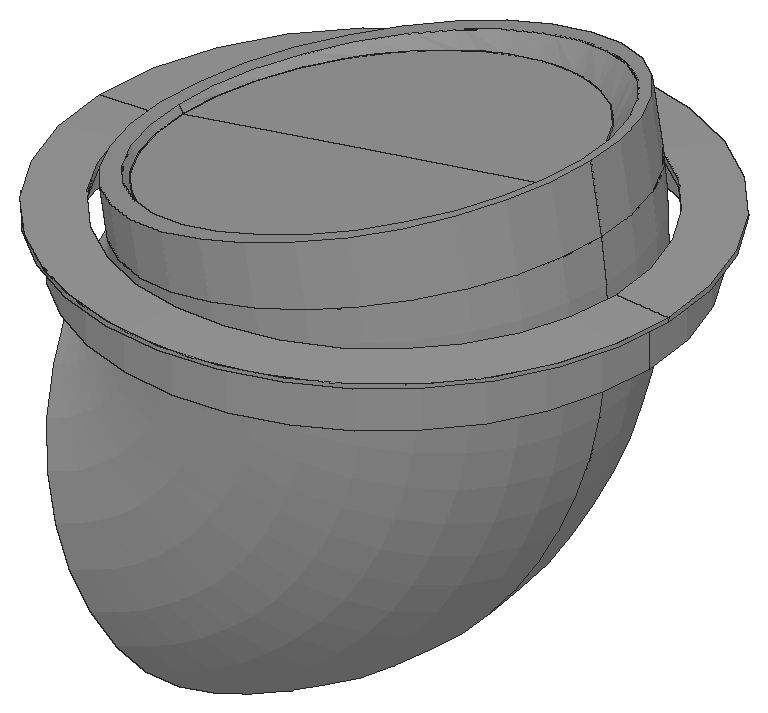
Revit family "0060586 Sylvania Lighting Fixture START Spot Scoop 4200lm 930 MB WHT", category Lighting Fixtures, host Face, Revit 2016
Family settings
  Host = Face
  Part Type = Normal
  Round Connector Dimension = Use Diameter
  OmniClass Number = 23.80.70.00
  OmniClass Title = Lighting
  Cut with Voids When Loaded = No
  Light Source = No
  Shared = No
  Room Calculation Point = No
Parameters (values of type "0060586 START Spot Scoop 4200lm 930 MB WHT")
  Weight = "8.8 kg"
  Wattage Comments = ""
  WarrantyStartDate [instance] = "n/a"
  WarrantyGuarantorParts = "n/a"
  WarrantyDurationUnit = "n/a"
  WarrantyDurationParts = "n/a"
  WarrantyDescription = "n/a"
  Voltage = 230 V
  URL = "http://www.sylvania-lighting.com"
  TypeName = "START Spot Scoop 4200lm 930 MB WHT"
  TypeHeadXL_SYL = START Spot Scoop Head XL : 0060586 START Spot Scoop 4200lm 930 MB WHT
  Type Image = <None>
  Type Comments = "n/a"
  SerialNumber [instance] = "n/a"
  S_SYL = no
  RotationAngle_SYL [instance] = 10.00°
  Rad4_SYL = if(S_SYL, 43 mm, if(M_SYL, 67.7 mm, 90 mm))  # 90 mm
  Rad3_SYL = Rad2_SYL - 4 mm  # 98.5 mm
  Rad2_SYL = if(S_SYL, 57.5 mm, if(M_SYL, 77.5 mm, 102.5 mm))  # 102.5 mm
  Rad1_SYL = if(S_SYL, 63 mm, if(M_SYL, 83.5 mm, 110 mm))  # 110 mm
  PowerFactor = 0
  PowerConsumption = "48.9 W"
  NominalLength = 220 mm
  NominalHeight = 195 mm
  NominalDepth = 220 mm
  Name = "START Spot Scoop 4200lm 930 MB WHT"
  ModelReference = Name  # "START Spot Scoop 4200lm 930 MB WHT"
  ModelNumber = "0060586"
  Model = Name  # "START Spot Scoop 4200lm 930 MB WHT"
  Material = "n/a"
  ManufacturerName = "Feilo Sylvania"
  Manufacturer = "Feilo Sylvania"
  M_SYL = no
  LuminousEfficacy = "85.89 lm/W"
  LuminaireType = ""
  LightOutputRatio = "n/a"
  LampsType = Lamp  # "LED"
  LampNominalLuminous = "4200  lm"
  LampMacAdamStep = "n/a"
  LampColourTemperature = "3000 K"
  LampColourRenderingIndex = "90"
  Lamp = "LED"
  Keynote = "16500"
  InstallationDate [instance] = "n/a"
  InputVoltage = "n/a"
  InputNominalFrequency = "n/a"
  IngressProtection = "IP40"
  ImpactProtectionIndex = "IK03"
  IfcExportType = "IfcLightFixtureType"
  IfcExportAs = "IfcLightFixtureType"
  ExpectedLife = 50000
  EndAngle_SYL [instance] = RotationAngle_SYL + 180.00°  # 190.00°
  ElectricShockClassification = "Class II"
  DurationUnit = "hours"
  DocumentationLiterature = "http://www.sylvania-lighting.com/product/en-int/products/0060586"
  DimmingControlOptions = "Non dimmable"
  Description = "Recessed Adjustable Accent Downlight, integrated LED, die cast aluminium body, Ø205mm cut-out, CCT 3000K, 4200lm, total power consumption 48W, resulting in 88lm/W."
  Default Elevation = 1219.2 mm
  CreatedOn = "12/6/2018"
  CreatedBy = "@sylvania-lighting.com"
  Cost = 0
  built-in parameter 1114216 [instance] = (empty or 0)
  ClassificationValue = "EF_70_80"
  ClassificationName = "Uniclass2015"
  Material_1_SYL = PC/ABS Plastic
  BarCode [instance] = "n/a"
  AssetType = "Fixed"
  AssetIdentifier [instance] = "n/a"
  Assembly Code = "D5020200"
  Apparent Load = 48.9 VA
Reference planes
  plane 1 "Center (Front/Back)": y = 0
  plane 2: z = 0
  plane 3 "Center (Left/Right)": x = 0
  plane 4: z = 1.5
  plane 5: z = 2.5
  plane 6: x = -63
  plane 7: x = -110
  plane 8: x = -90
  plane 9: x = -102.5
  plane 10: z = -16
  plane 11: z = -18.8
  plane 12: z = -100
  plane 13: x = -98.5
Forms (mm)
  Revolve 1, void
    sketch origin (0, 0, 0) x (1, 0, 0) y (0, 0, 1)
      loop
        line (0, 0) -> (-102.5, 0) -> (-102.5, -100) -> (0, -100) -> (0, 0)
      axis (0, 0) -> (0, -100)
    angle from 360 to 0
  Revolve 2, solid, material "PC/ABS Plastic" <- "Material_1_SYL"
    sketch origin (0, 0, 0) x (1, 0, 0) y (0, 0, 1)
      loop
        line (-110, 0) -> (-102.5, 0) -> (-102.5, -18.8) -> (-98.5, -18.8) -> (-98.5, 0) -> (-90, 0) -> (-90, 2.5) -> (-110, 1.5) -> (-110, 0)
      axis (0, 2.5) -> (0, -18.8)
    angle from 360 to 0
  Revolve 3, solid, not visible
    sketch origin (0, 0, 0) x (1, 0, 0) y (0, 1, 0)
      loop
        line (-90, -8.793) -> (-90, 6.207) -> (-95, 6.207) -> (-95, -8.793) -> (-90, -8.793)
      axis (-90, 6.207) -> (-90, -8.793)
    angle from 10 <- "RotationAngle_SYL" to 190 <- "EndAngle_SYL"
Dimensions and locks
  locked: plane 2 to plane 12 at 100
  "Rad1_SYL": plane 3 "Center (Left/Right)" to plane 7
  "Rad2_SYL": plane 3 "Center (Left/Right)" to plane 9
  "Rad3_SYL": plane 3 "Center (Left/Right)" to plane 13
  "Rad4_SYL": plane 3 "Center (Left/Right)" to plane 8
  aligned and locked: plane 2 to host face
  aligned and locked: level to host face
  aligned and locked: Revolve 1 sketch curve to plane 3 "Center (Left/Right)"
  aligned and locked: level to Revolve 1 sketch curve
  aligned and locked: plane 3 "Center (Left/Right)" to Revolve 1 sketch curve
  aligned and locked: Revolve 1 sketch curve to plane 9
  aligned and locked: plane 12 to Revolve 1 sketch curve
  aligned and locked: Revolve 2 sketch curve to plane 3 "Center (Left/Right)"
  aligned and locked: Revolve 2 sketch curve to plane 13
  aligned and locked: Revolve 2 sketch curve to plane 11
  aligned and locked: plane 7 to Revolve 2 sketch curve
  aligned and locked: plane 4 to Revolve 2 sketch curve
  aligned and locked: plane 2 to Revolve 2 sketch curve
  aligned and locked: plane 9 to Revolve 2 sketch curve
  aligned and locked: Revolve 2 sketch curve to plane 8
  aligned and locked: Revolve 3 sketch curve to plane 8  (x2)
  aligned and locked: plane 1 "Center (Front/Back)" to nested 1
Automatic sketch dimensions
  host sketch curve to host sketch curve = 2438.4 mm  (x2)
  plane 12 to Revolve 1 sketch curve = 509.6 mm
  Revolve 1 sketch curve to plane 5 = 2606.558 mm
  Revolve 2 sketch curve to plane 5 = 0 mm  (x2)
  Revolve 2 sketch curve to level = 0 mm
  plane 12 to Revolve 2 sketch curve = 509.6 mm
  Revolve 2 sketch curve to plane 5 = 2606.558 mm
  Revolve 2 sketch curve to plane 8 = 0 mm
  Revolve 3 sketch curve to plane 8 = 5 mm
  plane 1 "Center (Front/Back)" to Revolve 3 sketch curve = 8.793 mm
  Revolve 3 sketch curve to plane 1 "Center (Front/Back)" = 6.207 mm
  Revolve 3 sketch curve to Revolve 3 sketch curve = 2546.148 mm
  Revolve 3 sketch curve to Revolve 3 sketch curve = 2091.202 mm
Nested families
  nested 1: "START Spot Scoop Head XL" at (-1.367, 0, 15.628) x (-0.9848, 0, -0.1736) z (0.1736, 0, -0.9848), type <- "TypeHeadXL_SYL", type "0060586 START Spot Scoop 4200lm 930 MB WHT"
    with built-in parameter 1114216 (empty or 0), Apparent Load 48.9 VA
Connectors
  electrical at (0, 0, 0), driven by "Apparent Load", driven by "PowerFactor", driven by "Voltage"
    settings: index 1, voltage 230 V, apparent load 48.9 VA, apparent load phase1 0 VA, apparent load phase2 0 VA, apparent load phase3 0 VA, power factor 0, load classification "Lighting", number of poles 1, system type 30, power factor state 1, is connector primary yes, connector utility no, sub classification motor no, connector description ""
Definition of nested family "START Spot Scoop Head XL"
  Parameters (values of type "0060587 START Spot Scoop 4500lm 940 MB WHT")
    ThicknessLens_SYL = 1.5 mm  # constant formula
    ThicknessFront_SYL = Radius_SYL / 25  # 3.4 mm
    Radius_SYL = 85 mm
    Wattage Comments = "n/a"
    Wattage = 48 W
    built-in parameter 1150110 = 1 (stored number, unit not read)
    URL = "http://www.sylvania-lighting.com"
    Type Image = (empty or 0)
    Type Comments = "n/a"
    built-in parameter 1114217 = 1 (stored number, unit not read)
    Tilt Angle = -90.00°
    built-in parameter 1150109 = 1 (stored number, unit not read)
    built-in parameter 1150134 = 12
    built-in parameter 1150113 = 1 (stored number, unit not read)
    RadiusLens_SYL = Radius_SYL / (38 / 33)  # 73.816 mm
    RadiusLED_SYL = Radius_SYL / 5  # 17 mm
    RadiusFrontIn_SYL = Radius_SYL - ThicknessFront_SYL  # 81.6 mm
    RadiusBack_SYL = Radius_SYL - 2 mm  # 83 mm
    Photometric Web File = "0060587.ies"
    Overhang_SYL = 15 mm
    Material_3_SYL = none
    Model = "START Spot Scoop 4500lm 940 MB WHT"
    Manufacturer = "Feilo Sylvania"
    built-in parameter 1150105 = 5564.6 (stored number, unit not read)
    Lumens = 4320 lm
    built-in parameter 1150115 = 1 (stored number, unit not read)
    built-in parameter 1150137 = (empty or 0)
    built-in parameter 1150139 = (empty or 0)
    built-in parameter 1150112 = 1 (stored number, unit not read)
    built-in parameter 1150114 = 1 (stored number, unit not read)
    Lamp = "LED"
    Keynote = "16500"
    Material_2_SYL = none
    built-in parameter 1150132 = (empty or 0)
    built-in parameter 1150102 = (empty or 0)
    built-in parameter 1150107 = 4000 (stored number, unit not read)
    built-in parameter 1150138 = (empty or 0)
    built-in parameter 1150106 = 55.646 (stored number, unit not read)
    Emit from Circle Diameter = RadiusLens_SYL * 2  # 147.632 mm
    Emit Shape Visible in Rendering = no
    built-in parameter 1150104 = 8.3613 (stored number, unit not read)
    Dimming Lamp Color Temperature Shift = (empty or 0)
    Description = "Recessed Adjustable Accent Downlight, integrated LED, die cast aluminium body, Ø205mm cut-out, CCT 4000K, 4500lm, total power consumption 48W, resulting in 94lm/W."
    DepthReflector_SYL = Radius_SYL + 20 mm  # 105 mm
    DepthFront_SYL = Overhang_SYL / (11 / 8)  # 10.909 mm
    Default Elevation = 1219.2 mm
    Cost = 0
    Color Filter = 16777215
    built-in parameter 1114216 [instance] = (empty or 0)
    Material_1_SYL = none
    built-in parameter 1114218 = 1 (stored number, unit not read)
    built-in parameter 1150133 = 10 (stored number, unit not read)
    Assembly Code = "D5020200"
    Apparent Load = 48 VA
    Material_4_SYL = none
  Types (2, lengths in mm): name | built-in parameter 1150134 | Photometric Web File | Model | built-in parameter 1150105 | built-in parameter 1150107 | built-in parameter 1150106 | Description
    0060587 START Spot Scoop 4500lm 940 MB WHT | 12 | "0060587.ies" | "START Spot Scoop 4500lm 940 MB WHT" | 5564.6 (stored number, unit not read) | 4000 (stored number, unit not read) | 55.646 (stored number, unit not read) | "Recessed Adjustable Accent Downlight, integrated LED, die cast aluminium body, Ø205mm cut-out, CCT 4000K, 4500lm, total power consumption 48W, resulting in 94lm/W."
    0060586 START Spot Scoop 4200lm 930 MB WHT | (empty or 0) | "0060586.ies" | "START Spot Scoop 4200lm 930 MB WHT" | 5672.7 (stored number, unit not read) | 3000 (stored number, unit not read) | 56.727 (stored number, unit not read) | "Recessed Adjustable Accent Downlight, integrated LED, die cast aluminium body, Ø205mm cut-out, CCT 3000K, 4200lm, total power consumption 48W, resulting in 88lm/W."
  Reference planes
    plane 1 "Center (Front/Back)": y = 0
    plane 2: z = 0
    plane 3 "Center (Left/Right)": x = 0
    plane 4: x = 85
    plane 5: x = -85
    plane 6: z = -15
    plane 7: z = 6.25
    plane 8: z = 90
    plane 9: x = -81.6
    plane 10: x = 81.6
    plane 11: x = 3
    plane 12: z = -4.091
    plane 13: x = -14
    plane 14: z = -2.591
    plane 15: x = -70.816
    plane 16: z = -6.537
    plane 17: y = 85
    plane 18: y = -85
    plane 19: z = 96
    plane 20: x = 17.75
    plane 21: x = 146
  Forms (mm)
    Extrusion 1, solid
      sketch origin (4.2, 0, 0) x (1, 0, 0) y (0, 1, 0)
        loop
          line (-1219.2, 1219.2) -> (-1219.2, -1219.2) -> (1219.2, -1219.2) -> (1219.2, 1219.2) -> (-1219.2, 1219.2)
      from 0 to -68.017
    SweptBlend 2, solid, material <- "Material_1_SYL"
      path origin (0, 0, 0) x (1, 0, 0) y (0, 0, 1)
        loop
          arc (-85, 10) -> (-40.576, 124.692) -> (69.514, 179.535) r 170.265
      profile origin (-85, 0, 10) x (-1, 0, 0) y (0, -1, 0)
        loop
          circle (-85, 0) r 85
      end profile origin (69.514, 0, 179.535) x (-0.092512, 0, 0.995712) y (0, -1, 0)
        loop
          circle (-83, 0) r 83
    Extrusion 3, solid, material <- "Material_1_SYL"
      sketch origin (-85, 0, 10) x (-1, 0, 0) y (0, 1, 0)
        loop
          circle (-85, 0) r 85
      from 0 to 25
    Blend 4, void
      base sketch origin (1223.4, -4572, -15) x (-1, 0, 0) y (0, -1, 0)
        loop
          circle (1223.4, -4572) r 81.6
      top sketch origin (1223.4, -4572, -15) x (-1, 0, 0) y (0, -1, 0)
        loop
          circle (1220.4, -4572) r 73.816
      from 0 to 10.909
    Revolve 5, void
      sketch origin (0, 0, 0) x (1, 0, 0) y (0, 0, 1)
        loop
          line (-70.816, -2.591) -> (-70.816, -4.091) -> (3, -4.091) -> (3, 90) -> (-14, 90)
          arc (-14, 90) -> (-55.479, 51.726) -> (-70.816, -2.591) r 103.854
        axis (3, 90) -> (3, -4.091)
      angle from 360 to 0
    Revolve 6, solid, material <- "Material_2_SYL"
      sketch origin (0, 0, 0) x (1, 0, 0) y (0, 0, 1)
        loop
          line (3, -2.591) -> (-70.816, -2.591) -> (-70.816, -4.091) -> (3, -4.091) -> (3, -2.591)
        axis (3, -2.591) -> (3, -4.091)
      angle from 360 to 0
    Extrusion 7, void
      sketch origin (0, 0, 0) x (1, 0, 0) y (0, 0, 1)
        loop
          line (-85, -15) -> (-85, -25) -> (85, -25) -> (85, -6.537) -> (-85, -15)
      from -85 to 85
  Cuts and joins
    Blend 4, Revolve 5 cuts SweptBlend 2
    Blend 4, Revolve 5, Extrusion 7 cuts Extrusion 3
  Lines and regions (mm)
    reference lines
      curve 1: arc (-85, 0, 10) -> (-40.576, 0, 124.692) -> (69.514, 0, 179.535) r 170.265
      curve 2: circle (0, 0, 10) r 85 normal (0, 0, 1)
      curve 3: circle (77.192, 0, 96.891) r 83 normal (0.9957, 0, 0.0925)
      curve 4: circle (0, 0, -15) r 81.6 normal (0, 0, 1)
      curve 5: circle (3, 0, -4.091) r 73.816 normal (0, 0, 1)
      curve 6: line (-70.816, 0, -2.591) -> (-70.816, 0, -4.091)
      curve 7: arc (-70.816, 0, -2.591) -> (-55.479, 0, 51.726) -> (-14, 0, 90) r 103.854
  Dimensions and locks
    equal spacing: plane 4, plane 3 "Center (Left/Right)", plane 5
    "Overhang_SYL": level to plane 6
    "DepthReflector_SYL": plane 8 to plane 6
    equal spacing: plane 10, plane 3 "Center (Left/Right)", plane 9
    "ThicknessFront_SYL": plane 9 to plane 5
    locked: plane 11 to plane 3 "Center (Left/Right)" at 3
    "DepthFront_SYL": plane 12 to plane 6
    "RadiusLED_SYL": plane 11 to plane 13
    "ThicknessLens_SYL": plane 14 to plane 12
    "Radius_SYL": plane 3 "Center (Left/Right)" to plane 5
    "RadiusBack_SYL": curve 1 to curve 3
    "RadiusLens_SYL": plane 11 to plane 15
    locked: plane 16 to plane 6 at 8.463
    equal spacing: plane 18, plane 1 "Center (Front/Back)", plane 17
    "Radius_SYL": plane 1 "Center (Front/Back)" to plane 17
    locked: plane 19 to plane 8 at 6
    locked: plane 20 to plane 3 "Center (Left/Right)" at 17.75
    locked: plane 21 to plane 3 "Center (Left/Right)" at 146
    "Radius_SYL": radius of curve 2
    "RadiusBack_SYL": radius of curve 3
    "RadiusFrontIn_SYL": radius of curve 4
    "RadiusLens_SYL": radius of curve 5
    aligned and locked: plane 2 to Extrusion 1
    aligned and locked: level to Extrusion 1
    aligned and locked: plane 5 to curve 1
    aligned and locked: plane 11 to curve 5
    aligned and locked: plane 1 "Center (Front/Back)" to curve 5
    aligned and locked: plane 12 to imposter light
    aligned and locked: imposter light to plane 1 "Center (Front/Back)"
    aligned and locked: imposter light to plane 11
    aligned and locked: plane 3 "Center (Left/Right)" to curve 2
    aligned and locked: plane 1 "Center (Front/Back)" to curve 2
    aligned and locked: plane 1 "Center (Front/Back)" to curve 3
    aligned and locked: curve 6 to curve 5
    aligned and locked: curve 6 to plane 15
    aligned and locked: plane 8 to curve 7
    aligned and locked: plane 14 to curve 7
    aligned and locked: SweptBlend 2 sketch curve to curve 1
    aligned and locked: SweptBlend 2 sketch curve to curve 2
    aligned and locked: SweptBlend 2 sketch curve to curve 3
    aligned and locked: Extrusion 3 sketch curve to curve 2
    aligned and locked: plane 6 to Extrusion 3
    aligned and locked: Extrusion 3 to curve 1
    aligned and locked: Blend 4 sketch curve to curve 4
    aligned and locked: Blend 4 sketch curve to curve 5
    aligned and locked: Revolve 5 sketch curve to plane 11
    aligned and locked: Revolve 5 sketch curve to curve 7
    aligned and locked: Revolve 5 sketch curve to curve 5  (x2)
    aligned and locked: Revolve 5 sketch curve to plane 8
    aligned and locked: Revolve 6 sketch curve to plane 11
    aligned and locked: Revolve 6 sketch curve to plane 14
    aligned and locked: Revolve 6 sketch curve to curve 5
    aligned and locked: Revolve 6 sketch curve to curve 6
    aligned and locked: plane 16 to Extrusion 7 sketch curve
    aligned and locked: Extrusion 7 sketch curve to plane 4
    aligned and locked: Extrusion 7 sketch curve to cut or joined group of Extrusion 3, Blend 4, Revolve 5, Extrusion 7
    aligned and locked: plane 4 to Extrusion 7 sketch curve
    aligned and locked: Extrusion 7 to plane 17
    aligned and locked: plane 18 to Extrusion 7
  Automatic sketch dimensions
    Extrusion 1 sketch curve to Extrusion 1 sketch curve = 2438.4 mm  (x2)
    plane 1 "Center (Front/Back)" to curve 4 = 0 mm
    curve 4 to plane 3 "Center (Left/Right)" = 0 mm
    SweptBlend 2 sketch curve to plane 10 = 12.086 mm
    curve 7 to plane 13 = 0 mm
    plane 4 to curve 1 = 0.265 mm
    curve 1 to plane 7 = 3.75 mm
    curve 1 to plane 10 = 12.086 mm
    plane 6 to Revolve 5 sketch curve = 594.6 mm
    Revolve 5 sketch curve to Revolve 5 sketch curve = 2539.058 mm
    Revolve 6 sketch curve to plane 11 = 0 mm
    plane 6 to Revolve 6 sketch curve = 594.6 mm
    Revolve 6 sketch curve to plane 8 = 2539.058 mm
    Extrusion 7 sketch curve to plane 6 = 0 mm
    plane 6 to Extrusion 7 sketch curve = 10 mm
    plane 1 "Center (Front/Back)" to curve 3 = 0 mm
